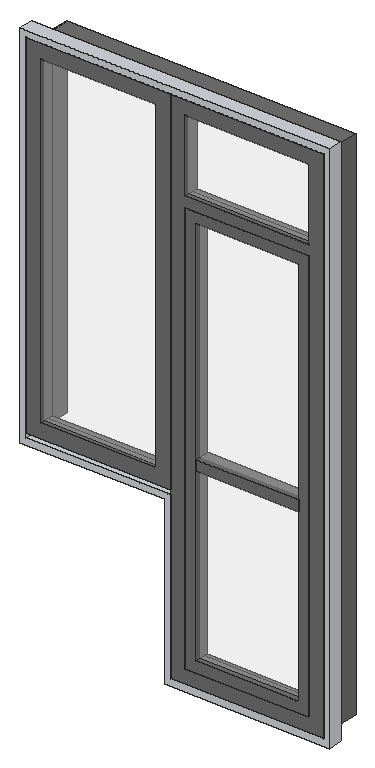
Revit family "AVLN_Балконный блок_Левый_Одностворчатый Фрамуга", category Окна, Revit 2021
Family settings
  Основа = Стена
  Номер OmniClass = 23.30.20.00
  Заголовок OmniClass = Windows
  Всегда вертикально = Да
  При загрузке вырезать с полостями = Нет
  Общий = Нет
  Точка принадлежности помещению = Нет
Parameters (values of type "1500")
  Ширина среднействорки = 400 mm
  Ширина рамы двери = 50 mm
  Ширина рамы = 70 mm
  Ширина окна = Width - Ширина двери - Монтажный зазор * 2  # 700 mm
  Ширина импоста = 50 mm
  Ширина двери = 740 mm
  Четверть слева/справа = 50 mm
  Четверть окна снизу = 50 mm
  Четверть низ = 0 mm  # constant formula
  Черверть верх = 50 mm
  Фрамуга_Высота = Height - (Дверь_Высота + Монтажный зазор * 2 + Ширина рамы * 2 + Ширина импоста)  # 350 mm
  Фрамуга окна = not(Без фрамуги)  # no
  Толщина основы [instance] = 200 mm
  Створка_толщина = 25 mm  # constant formula
  Rough Width = Width - Монтажный зазор * 2  # 1440 mm
  Rough Height = Height - Монтажный зазор * 2  # 2540 mm
  Подстановочный профиль_Ширина = 20 mm  # constant formula
  Подстановочный профиль_Толщина = 50 mm
  Подоконник_Толщина = 20 mm
  Подоконник_Длина = Окно_Ширина + Ширина рамы * 2 + Монтажный зазор  # 730 mm
  Подоконник_Глубина = 190 mm
  Подоконник = no
  Отступ.доп.части_Н = Ширина окна + Ширина импоста  # 750 mm
  Отступ.доп.части_В = Ширина окна + Ширина импоста + Монтажный зазор  # 780 mm
  Отлив_Толщина = 1 mm  # constant formula
  Отлив_Длина = (Окно_Ширина + Ширина рамы * 2 + Монтажный зазор) - [Четверть слева/справа]  # 680 mm
  Отлив_Глубина = 200 mm
  Отлив = no
  Открывание фрамуга оконная = АВЛН_Створка открывная : Створка глухая
  Открывание фрамуга = АВЛН_Створка открывная : Створка глухая
  Открывание окно = АВЛН_Створка открывная : Створка глухая
  Откос_Н.Ширина = ADSK_Размер_Ширина - 2 * [Четверть слева/справа]  # 1400 mm
  Откос_Н.Толщина.8 = 32 mm
  Откос_Н.Толщина.7 = 28 mm
  Откос_Н.Толщина.6 = 24 mm
  Откос_Н.Толщина.5 = 20 mm
  Откос_Н.Толщина.4 = 16 mm
  Откос_Н.Толщина.3 = 12 mm
  Откос_Н.Толщина.2 = 8 mm
  Откос_Н.Толщина.1 = 2 mm
  Откос_Н.Отступ_П = ADSK_Размер_Высота - (Монтажный зазор + 2 * Ширина рамы + Высота окна)  # 850 mm
  Откос_Н.Отступ_Л = Монтажный зазор  # 30 mm
  Откос_Н.Отступ от уровня = Монтажный зазор  # 30 mm
  Откос_Н.Количество слоев = 1
  Откос_Н.Глубина = 150 mm  # constant formula
  Откос_Н.Высота = ADSK_Размер_Высота - Черверть верх  # 2550 mm
  Откос_В.Толщина.8 = 32 mm
  Откос_В.Толщина.7 = 28 mm
  Откос_В.Толщина.6 = 24 mm
  Откос_В.Толщина.5 = 20 mm
  Откос_В.Толщина.4 = 16 mm
  Откос_В.Толщина.3 = 12 mm
  Откос_В.Толщина.2 = 8 mm
  Откос_В.Толщина.1 = 4 mm
  Откос_В.Количество слоев = 0
  Откос_В.Глубина = 130 mm
  Откос.Отступ_П [instance] = ADSK_Размер_Высота - (Монтажный зазор + 2 * Ширина рамы + Высота окна)  # 850 mm
  Откос.Отступ_Л [instance] = 0 mm
  Определить тепловые свойства по = Тип схем
  Окно_Ширина = Width - Ширина двери - Монтажный зазор * 2 - Ширина рамы * 2  # 560 mm
  Окно_Высота = Высота окна - Фрамуга_Высота - Ширина импоста  # 1180 mm
  Монтажный зазор = 30 mm
  М.Стекла = AVLN_Остекление окон и дверей
  М.Рамы = AVLN_Материал импоста_RAL 7024
  М.Подоконный профиль = Рама
  М.Подоконник = none
  М.Откос_Н.8 = none
  М.Откос_Н.7 = none
  М.Откос_Н.6 = none
  М.Откос_Н.5 = none
  М.Откос_Н.4 = none
  М.Откос_Н.3 = none
  М.Откос_Н.2 = none
  М.Откос_Н.1 = RAL 7024
  М.Откос_В.8 = none
  М.Откос_В.7 = none
  М.Откос_В.6 = none
  М.Откос_В.5 = none
  М.Откос_В.4 = none
  М.Откос_В.3 = none
  М.Откос_В.2 = none
  М.Откос_В.1 = Штукатурка внутренних откосов
  М.Монтажного зазора = none
  Комментарии к типоразмеру = "АР"
  Ипост высота = 900 mm
  Дверь_Ширина = Ширина двери - Ширина рамы * 2  # 600 mm
  Дверь_Высота = 2000 mm
  Дверь.Открывание.Право = yes
  Дверь.Открывание.Лево = not(Дверь.Открывание.Право)  # no
  Дверь.Откидывание = yes
  Дверь заполнение = АВЛН_Дверь балконная : Заполнение стеклом разделенное
  Глубина вставки = 0 mm
  Высота установки ручки.Окно = 750 mm
  Высота установки ручки.Дверь = 900 mm
  Высота подоконника по умолчанию = 0 mm
  Высота окна = 1580 mm
  Height = 2600 mm
  Замыкание стены = По основе
  Width = 1500 mm
  Без фрамуги = yes
  Аналитическая конструкция = "<Нет>"
  АВЛН_Площаль откосов наружных = (ADSK_Размер_Высота * 2 + ADSK_Размер_Ширина) * 150 mm  # 1.005 m²
  АВЛН_Площаль откосов внутренних = (ADSK_Размер_Высота * 2 + ADSK_Размер_Ширина) * 180 mm  # 1.206 m²
  ADSK_Этаж [instance] = ""
  ADSK_Размер_Ширина = Width  # 1500 mm
  ADSK_Размер_Высота = Height  # 2600 mm
  ADSK_Примечание [instance] = ""
  ADSK_Площадь = ((Ширина окна + Ширина рамы * 2 + Монтажный зазор) * (Высота окна + Ширина рамы * 2 + Монтажный зазор * 2 + Подоконник_Толщина)) + ((Монтажный зазор + Дверь_Ширина + Ширина рамы * 2) * (Height))  # 3.568 m²
  ADSK_Обозначение = "ГОСТ 30674-99"
  ADSK_Номер секции [instance] = ""
  ADSK_Наименование = "БП Б1 1440-2540"
  ADSK_Марка = "Б-4П"
  ADSK_Группирование = ""
  30/90 = yes
  -----------Разрезка----------- = "-----------"  # constant formula
  -----------Профили----------- = "-----------"  # constant formula
  -----------Подоконник----------- = "-----------"  # constant formula
  -----------Отлив----------- = "-----------"  # constant formula
  -----------Откос----------- = "-----------"  # constant formula
  -----------Основные габариты----------- = "-----------"  # constant formula
  -----------Вставка----------- = "-----------"  # constant formula
Reference planes
  plane 1 "По центру (Вперед/Назад)": y = 0
  plane 2 "По центру (Влево/Вправо)": x = 0
  plane 3 "Наружный": y = 100
  plane 4 "Внутренние": y = -100
  plane 5 "Глубина вставки": y = 100
  plane 6: y = 400
  plane 7: y = -400
  plane 8 "Внутренняя граница": y = 30
  plane 9 "336": x = 1250
  plane 10 "337": x = -250
  plane 11 "338": z = 0
  plane 12 "339": z = 2600
  plane 13: x = -220
  plane 14: z = 2570
  plane 15: x = 1220
  plane 16: z = 30
  plane 17: x = -200
  plane 18: x = 1200
  plane 19: z = 1100
  plane 20: z = 2550
  plane 21 "340": z = 0
  plane 22: z = 2500
  plane 23: z = 920
  plane 24: z = 830
  plane 25 "342": z = 800
  plane 26: x = -150
  plane 27: x = 500
  plane 28: z = 850
  plane 29: x = 550
  plane 30: x = 480
  plane 31: x = 450
  plane 32: x = 500
  plane 33 "343": x = 1150
  plane 34: x = 130
  plane 35: z = 1510
  plane 36: x = 850
  plane 37: z = 2100
  plane 38: z = 100
  plane 39: z = 2150
  plane 40: z = 2325
  plane 41: x = 410
  plane 42: z = 850
  plane 43: z = 1710
Forms (mm)
  Extrusion 1, void
    sketch origin (0, 100, 0) x (1, 0, 0) y (0, 0, 1)
      loop
        line (1250, 2600) -> (-250, 2600) -> (-250, 800) -> (450, 800) -> (450, 0) -> (1250, 0) -> (1250, 2600)
    from 0 to 500
  Extrusion 2, void
    sketch origin (0, 100, 0) x (-1, 0, 0) y (0, 0, -1)
      loop
        line (200, -2550) -> (200, -850) -> (-500, -850) -> (-500, 0) -> (-1200, 0) -> (-1200, -2550) -> (200, -2550)
    from -300 to 0
  Extrusion 3, solid, material "AVLN_Материал импоста_RAL 7024" <- "М.Рамы", detail levels medium+fine
    sketch origin (0, 100, 0) x (-1, 0, 0) y (0, 0, -1)
      loop
        line (-480, -30) -> (-1220, -30) -> (-1220, -2570) -> (-480, -2570) -> (-480, -30)
      loop
        line (-1150, -100) -> (-1150, -2100) -> (-550, -2100) -> (-550, -100) -> (-1150, -100)
      loop
        line (-550, -2500) -> (-550, -2150) -> (-1150, -2150) -> (-1150, -2500) -> (-550, -2500)
    from 0 to 70
  Extrusion 4, solid, material <- "М.Монтажного зазора", detail levels medium+fine
    sketch origin (0, -100, 0) x (-1, 0, 0) y (0, 0, -1)
      loop
        line (-1250, 0) -> (-1250, -2600) -> (250, -2600) -> (250, -800) -> (-450, -800) -> (-450, 0) -> (-1250, 0)
      loop
        line (220, -2570) -> (220, -830) -> (-480, -830) -> (-480, -30) -> (-1220, -30) -> (-1220, -2570) -> (220, -2570)
    from -200 to -130
  Extrusion 5, solid, material "AVLN_Материал импоста_RAL 7024" <- "М.Рамы", detail levels medium+fine
    sketch origin (0, 100, 0) x (-1, 0, 0) y (0, 0, 1)
      loop
        line (220, 850) -> (220, 2570) -> (-480, 2570) -> (-480, 850) -> (220, 850)
      loop
        line (-410, 2500) -> (-410, 920) -> (150, 920) -> (150, 2500) -> (-410, 2500)
    from -70 to 0
  Extrusion 6, solid, material "AVLN_Материал импоста_RAL 7024" <- "М.Рамы", visible <- "Фрамуга окна", detail levels medium+fine
    sketch origin (0, 100, 0) x (1, 0, 0) y (0, 0, 1)
      loop
        line (410, 2150) -> (-150, 2150) -> (-150, 2100) -> (410, 2100) -> (410, 2150)
    from 0 to 70
Cuts and joins
  Extrusion 2 cuts Extrusion 3
  Extrusion 2 cuts Extrusion 4
  Extrusion 2 cuts Extrusion 5
Lines and regions (mm)
  reference lines
    curve 1: line (1250, -100, 2125) -> (500, -100, 2125)
    curve 2: line (1250, -100, 920) -> (500, -100, 920)
Text (mm)
  text "EXTERIOR" at (-1963.203, 1332.353, 0), in view "Опорный уровень"
  text "INTERIOR" at (-1981.466, -818.386, 0), in view "Опорный уровень"
  text "Наружный" at (0, 923.751, 2943.296), in view "Справа"
  text "Наружный" at (0, 1240.237, 2685.409), in view "Слева"
Dimensions and locks
  locked: plane 3 "Наружный" to host wall
  locked: plane 4 "Внутренние" to host wall
  "Глубина вставки": plane 5 "Глубина вставки" to plane 3 "Наружный"
  locked: plane 3 "Наружный" to plane 6 at 300
  locked: plane 7 to plane 4 "Внутренние" at 300
  "Ширина рамы": plane 5 "Глубина вставки" to plane 8 "Внутренняя граница"
  "Толщина основы": host wall to host wall
  plane 9 "336" to plane 10 "337" = 1500 mm
  "Width": plane 9 "336" to plane 10 "337"
  "Height": plane 11 "338" to plane 12 "339"
  "Монтажный зазор": plane 13 to plane 10 "337"
  "Монтажный зазор": plane 9 "336" to plane 15
  "Монтажный зазор": plane 14 to plane 12 "339"
  "Монтажный зазор": plane 11 "338" to plane 16
  "Четверть слева/справа": plane 17 to plane 10 "337"
  "Четверть слева/справа": plane 9 "336" to plane 18
  "Черверть верх": plane 20 to plane 12 "339"
  "Ширина рамы": plane 22 to plane 14
  "Высота окна": plane 23 to plane 22
  "Ширина рамы": plane 26 to plane 13
  "Ширина импоста": plane 29 to plane 27
  "Монтажный зазор": plane 30 to plane 31
  "Ширина рамы": plane 29 to plane 30
  "Четверть слева/справа": plane 32 to plane 31
  "Ширина рамы": plane 15 to plane 33 "343"
  equal spacing: plane 41, plane 34, plane 26
  equal spacing: plane 37, plane 35, plane 23
  equal spacing: plane 33 "343", plane 36, plane 29
  equal spacing: plane 37, plane 19, plane 38
  "Ширина рамы": plane 38 to plane 16
  "Ширина импоста": plane 39 to plane 37
  equal spacing: plane 39, curve 1, plane 37
  equal spacing: plane 22, plane 40, plane 39
  "Дверь_Высота": plane 37 to plane 38
  "Ширина рамы": plane 30 to plane 41
  plane 1 "По центру (Вперед/Назад)" to plane 5 "Глубина вставки" = 100 mm
  "Ширина рамы": nested 3 to plane 8 "Внутренняя граница"
  "Четверть окна снизу": plane 42 to plane 25 "342"
  "Монтажный зазор": plane 24 to plane 25 "342"
  "Подоконник_Толщина": plane 28 to plane 24
  "Ширина рамы": plane 23 to plane 28
  plane 37 to plane 23 = 1180 mm
  "Ширина двери": plane 15 to plane 30
  equal spacing: plane 22, plane 43, plane 23
  aligned and locked: plane 5 "Глубина вставки" to Extrusion 1
  aligned and locked: Extrusion 1 to plane 7
  aligned and locked: plane 17 to Extrusion 2 sketch curve
  aligned and locked: Extrusion 2 sketch curve to plane 18
  aligned and locked: plane 20 to Extrusion 2 sketch curve
  aligned and locked: Extrusion 2 sketch curve to plane 21 "340"
  aligned and locked: plane 10 "337" to nested 1
  aligned and locked: Extrusion 3 sketch curve to plane 30
  aligned and locked: plane 16 to Extrusion 3 sketch curve
  aligned and locked: Extrusion 3 sketch curve to plane 15
  aligned and locked: plane 14 to Extrusion 3 sketch curve
  aligned and locked: Extrusion 3 sketch curve to plane 29
  aligned and locked: Extrusion 3 to nested 1
  aligned and locked: Extrusion 4 sketch curve to plane 9 "336"
  aligned and locked: plane 21 "340" to Extrusion 4 sketch curve
  aligned and locked: Extrusion 4 sketch curve to plane 31
  aligned and locked: plane 25 "342" to Extrusion 4 sketch curve
  aligned and locked: plane 10 "337" to Extrusion 4 sketch curve
  aligned and locked: plane 12 "339" to Extrusion 4 sketch curve
  aligned and locked: Extrusion 4 sketch curve to plane 14
  aligned and locked: Extrusion 4 sketch curve to plane 15
  aligned and locked: Extrusion 4 sketch curve to plane 16
  aligned and locked: Extrusion 4 sketch curve to plane 30
  aligned and locked: plane 13 to Extrusion 4 sketch curve
  aligned and locked: plane 33 "343" to Extrusion 3
  aligned and locked: plane 38 to Extrusion 3
  aligned and locked: curve 1 to plane 9 "336"
  aligned and locked: curve 1 to plane 27
  aligned and locked: nested 5 to plane 15
  aligned and locked: nested 4 to plane 32
  aligned and locked: plane 14 to Extrusion 5 sketch curve
  aligned and locked: plane 30 to Extrusion 5 sketch curve
  aligned and locked: Extrusion 5 sketch curve to plane 13
  aligned and locked: Extrusion 5 sketch curve to plane 23
  aligned and locked: plane 22 to Extrusion 5 sketch curve
  aligned and locked: plane 41 to Extrusion 5 sketch curve
  aligned and locked: plane 23 to curve 2
  aligned and locked: nested 6 to plane 28
  aligned and locked: nested 6 to plane 17
  aligned and locked: Extrusion 1 sketch curve to plane 25 "342"
  aligned and locked: Extrusion 1 sketch curve to plane 10 "337"
  aligned and locked: Extrusion 1 sketch curve to plane 12 "339"
  aligned and locked: plane 9 "336" to Extrusion 1 sketch curve
  aligned and locked: plane 21 "340" to Extrusion 1 sketch curve
  aligned and locked: plane 35 to nested 7
  aligned and locked: nested 7 to plane 34
  aligned and locked: plane 40 to nested 8
  aligned and locked: nested 8 to plane 36
  aligned and locked: Extrusion 1 to nested 3
  aligned and locked: Extrusion 2 to plane 5 "Глубина вставки"
  aligned and locked: plane 5 "Глубина вставки" to cut or joined group of Extrusion 2, Extrusion 4
  aligned and locked: cut or joined group of Extrusion 2, Extrusion 4 to plane 8 "Внутренняя граница"
  aligned and locked: cut or joined group of Extrusion 2, Extrusion 3 to plane 8 "Внутренняя граница"
  aligned and locked: plane 5 "Глубина вставки" to cut or joined group of Extrusion 2, Extrusion 3
  aligned and locked: plane 8 "Внутренняя граница" to nested 4
  aligned and locked: nested 5 to plane 8 "Внутренняя граница"
  aligned and locked: Extrusion 2 sketch curve to plane 42
  aligned and locked: Extrusion 5 sketch curve to plane 28
  aligned and locked: plane 24 to Extrusion 4 sketch curve
  aligned and locked: nested 9 to plane 34
  aligned and locked: plane 40 to nested 9
  aligned and locked: Extrusion 1 sketch curve to cut or joined group of Extrusion 2, Extrusion 4
  aligned and locked: plane 32 to Extrusion 2 sketch curve
  aligned and locked: nested 10 to plane 19
  aligned and locked: nested 10 to plane 36
  aligned and locked: Extrusion 6 sketch curve to plane 39
  aligned and locked: plane 37 to Extrusion 6 sketch curve
  aligned and locked: plane 26 to Extrusion 6 sketch curve
  aligned and locked: Extrusion 6 sketch curve to plane 41
  aligned and locked: cut or joined group of Extrusion 2, Extrusion 5 to Extrusion 6  (x2)
  aligned and locked: plane 43 to nested 11
  aligned and locked: nested 11 to plane 34
  aligned and locked: nested 12 to plane 12 "339"
  aligned and locked: nested 12 to plane 9 "336"
  aligned and locked: plane 16 to nested 13
  aligned and locked: nested 3 to plane 32
Automatic sketch dimensions
  curve 2 to plane 27 = 0 mm
  curve 2 to plane 9 "336" = 0 mm
  Extrusion 3 sketch curve to plane 33 "343" = 0 mm  (x2)
  Extrusion 3 sketch curve to plane 29 = 0 mm
  plane 37 to curve 1 = 25 mm
  Extrusion 3 sketch curve to plane 38 = 0 mm
  Extrusion 3 sketch curve to plane 37 = 0 mm
  Extrusion 3 sketch curve to plane 39 = 0 mm
  Extrusion 3 sketch curve to plane 22 = 0 mm
  Extrusion 5 sketch curve to plane 26 = 0 mm
Nested families
  nested 1: "Подоконник" at (115, 30, 800) x (-1, 0, 0) z (0, 0, 1), Глубина подоконника <- "Подоконник_Глубина", Длина отлива <- "Подоконник_Длина", ТП <- "Подоконник_Толщина", Ш_МЗЗ <- "Монтажный зазор", Ш_ПП <- "Подстановочный профиль_Ширина", ADSK_Группирование <- "ADSK_Группирование", ADSK_Номер секции <- "ADSK_Номер секции", ADSK_Этаж <- "ADSK_Этаж", visible <- "Подоконник", М <- "М.Подоконник", type "Подоконник"
    with Ш_ПП 20 mm, Ш_МЗЗ 30 mm, ТП 20 mm, М none, Длина отлива 730 mm, Глубина подоконника 190 mm, ADSK_Этаж "", ADSK_Примечание "", ADSK_Обозначение "", ADSK_Номер секции "", ADSK_Наименование "", ADSK_Марка "", ADSK_Группирование ""
  nested 2: "AVLN_Откосы_R19" at (0, -100, 0), Ширина <- "ADSK_Размер_Ширина", Глубина <- "Откос_В.Глубина", Высота <- "ADSK_Размер_Высота", Высота от уровня <- "Высота подоконника по умолчанию", ADSK_Группирование <- "Комментарии к типоразмеру", ADSK_Этаж <- "ADSK_Этаж", ADSK_Номер секции <- "ADSK_Номер секции", Материал_1 <- "М.Откос_В.1", Материал_2 <- "М.Откос_В.2", Материал_3 <- "М.Откос_В.3", Материал_4 <- "М.Откос_В.4", Материал_5 <- "М.Откос_В.5", Материал_6 <- "М.Откос_В.6", Материал_7 <- "М.Откос_В.7", Материал_8 <- "М.Откос_В.8", Толщина_1 <- "Откос_В.Толщина.1", Толщина_2 <- "Откос_В.Толщина.2", Толщина_3 <- "Откос_В.Толщина.3", Толщина_4 <- "Откос_В.Толщина.4", Толщина_5 <- "Откос_В.Толщина.5", Толщина_6 <- "Откос_В.Толщина.6", Толщина_7 <- "Откос_В.Толщина.7", Толщина_8 <- "Откос_В.Толщина.8", Количество слоев <- "Откос_В.Количество слоев", Отступ_Л <- "Откос.Отступ_П", Отступ_П <- "Откос.Отступ_Л", Отступ.доп.части <- "Отступ.доп.части_В", type "AVLN_Откосы_R19"
    with Ширина_8 1276 mm, Ширина_7 1332 mm, Ширина_6 1380 mm, Ширина_5 1420 mm, Ширина_4 1452 mm, Ширина_3 1476 mm, Ширина_2 1492 mm, Ширина 1500 mm, Толщина_8 32 mm, Толщина_7 28 mm, Толщина_6 24 mm, Толщина_5 20 mm, Толщина_4 16 mm, Толщина_3 12 mm, Толщина_2 8 mm, Толщина_1 4 mm, Отступ_П 0 mm, Отступ_Л 850 mm, Отступ.доп.части 780 mm, Материал_8 none, Материал_7 none, Материал_6 none, Материал_5 none, Материал_4 none, Материал_3 none, Материал_2 none, Материал_1 Штукатурка внутренних откосов, Количество слоев 0, Глубина 130 mm, Высота_8 2488 mm, Высота_7 2516 mm, Высота_6 2540 mm, Высота_5 2560 mm, Высота_4 2576 mm, Высота_3 2588 mm, Высота_2 2596 mm, Высота.доп.части 0 mm, Высота от уровня 0 mm, Высота 2600 mm, Видимость_8 no, Видимость_7 no, Видимость_6 no, Видимость_5 no, Видимость_4 no, Видимость_3 no, Видимость_2 no, Видимость_1 no, Видимость.доп.части yes, ВД.8 no, ВД.7 no, ВД.6 no, ВД.5 no, ВД.4 no, ВД.3 no, ВД.2 no, ВД.1 no, ADSK_Этаж "", ADSK_Номер секции "", ADSK_Группирование "АР"
  nested 3: "AVLN_Откосы_R19" at (500, 100, -30), Ширина <- "Откос_Н.Ширина", Глубина <- "Откос_Н.Глубина", Высота <- "Откос_Н.Высота", Высота от уровня <- "Откос_Н.Отступ от уровня", ADSK_Группирование <- "Комментарии к типоразмеру", ADSK_Этаж <- "ADSK_Этаж", ADSK_Номер секции <- "ADSK_Номер секции", Материал_1 <- "М.Откос_Н.1", Материал_2 <- "М.Откос_Н.2", Материал_3 <- "М.Откос_Н.3", Материал_4 <- "М.Откос_Н.4", Материал_5 <- "М.Откос_Н.5", Материал_6 <- "М.Откос_Н.6", Материал_7 <- "М.Откос_Н.7", Материал_8 <- "М.Откос_Н.8", Толщина_1 <- "Откос_Н.Толщина.1", Толщина_2 <- "Откос_Н.Толщина.2", Толщина_3 <- "Откос_Н.Толщина.3", Толщина_4 <- "Откос_Н.Толщина.4", Толщина_5 <- "Откос_Н.Толщина.5", Толщина_6 <- "Откос_Н.Толщина.6", Толщина_7 <- "Откос_Н.Толщина.7", Толщина_8 <- "Откос_Н.Толщина.8", Количество слоев <- "Откос_Н.Количество слоев", Отступ_Л <- "Откос_Н.Отступ_П", Отступ_П <- "Откос_Н.Отступ_Л", Отступ.доп.части <- "Отступ.доп.части_Н", type "AVLN_Откосы_R19"
    with Ширина_8 1180 mm, Ширина_7 1236 mm, Ширина_6 1284 mm, Ширина_5 1324 mm, Ширина_4 1356 mm, Ширина_3 1380 mm, Ширина_2 1396 mm, Ширина 1400 mm, Толщина_8 32 mm, Толщина_7 28 mm, Толщина_6 24 mm, Толщина_5 20 mm, Толщина_4 16 mm, Толщина_3 12 mm, Толщина_2 8 mm, Толщина_1 2 mm, Отступ_П 30 mm, Отступ_Л 850 mm, Отступ.доп.части 750 mm, Материал_8 none, Материал_7 none, Материал_6 none, Материал_5 none, Материал_4 none, Материал_3 none, Материал_2 none, Материал_1 RAL 7024, Количество слоев 1, Глубина 150 mm, Высота_8 2440 mm, Высота_7 2468 mm, Высота_6 2492 mm, Высота_5 2512 mm, Высота_4 2528 mm, Высота_3 2540 mm, Высота_2 2548 mm, Высота.доп.части 0 mm, Высота от уровня 30 mm, Высота 2550 mm, Видимость_8 no, Видимость_7 no, Видимость_6 no, Видимость_5 no, Видимость_4 no, Видимость_3 no, Видимость_2 no, Видимость_1 yes, Видимость.доп.части yes, ВД.8 no, ВД.7 no, ВД.6 no, ВД.5 no, ВД.4 no, ВД.3 no, ВД.2 no, ВД.1 yes, ADSK_Этаж "", ADSK_Номер секции "", ADSK_Группирование "АР"
  nested 4: "АС-Обозначение на плане двупольная" at (500, 30, 0) x (-1, 0, 0) z (0, 0, 1), Коробка.Толщина <- "Ширина рамы", Коробка.Ширина <- "Ширина импоста", Rough Width <- "Дверь_Ширина", Height <- "ADSK_Размер_Высота", visible <- "Дверь.Открывание.Лево", type "АС-Стандарт", detail levels medium+fine
    with Width 651 mm, built-in parameter 1001302 50 mm, Rough Width 600 mm, Монтажный зазор.Ширина сбоку 1 mm, Коробка.Ширина 50 mm, Коробка.Толщина 70 mm, Height 2600 mm
  nested 5: "АС-Обозначение на плане двупольная" at (1220, 30, 0), Коробка.Толщина <- "Ширина рамы", Коробка.Ширина <- "Ширина импоста", Rough Width <- "Дверь_Ширина", Height <- "ADSK_Размер_Высота", visible <- "Дверь.Открывание.Право", type "АС-Стандарт", detail levels medium+fine
    with Width 651 mm, built-in parameter 1001302 50 mm, Rough Width 600 mm, Монтажный зазор.Ширина сбоку 1 mm, Коробка.Ширина 50 mm, Коробка.Толщина 70 mm, Height 2600 mm
  nested 6: "Отлив" at (140, 100, 820), Длина отлива <- "Отлив_Длина", Глубина отлива <- "Отлив_Глубина", ТО <- "Отлив_Толщина", Ш_МЗЗ <- "Монтажный зазор", Ш_ПП <- "Подстановочный профиль_Толщина", visible <- "Отлив", type "Отлив"
    with Ш_ПП 50 mm, Ш_МЗЗ 30 mm, ТО 1 mm, М none, Длина отлива 680 mm, Глубина отлива 200 mm, ADSK_Этаж "", ADSK_Примечание "", ADSK_Обозначение "", ADSK_Номер секции "", ADSK_Наименование "", ADSK_Марка "", ADSK_Группирование ""
  nested 7: "АВЛН_Створка открывная" at (130, 30, 1510) x (1, 0, 0) z (0, 1, 0), Створка высота <- "Окно_Высота", Створка ширина <- "Окно_Ширина", Ширина рамы <- "Створка_толщина", type <- "Открывание окно", Материал_Рама <- "М.Рамы", Материал_Ручки <- "М.Рамы", Материал_Стеклопакет <- "М.Стекла", visible <- "Фрамуга окна", type "Створка глухая", detail levels medium+fine
    with Ширина рамы 25 mm, Створка ширина 560 mm, Створка высота 1180 mm, Материал_Стеклопакет AVLN_Остекление окон и дверей, Материал_Ручки AVLN_Материал импоста_RAL 7024, Материал_Рама AVLN_Материал импоста_RAL 7024
  nested 8: "АВЛН_Створка открывная" at (850, 30, 2325) x (1, 0, 0) z (0, 1, 0), Створка высота <- "Фрамуга_Высота", Створка ширина <- "Дверь_Ширина", Ширина рамы <- "Створка_толщина", type <- "Открывание фрамуга", Материал_Рама <- "М.Рамы", Материал_Стеклопакет <- "М.Стекла", Материал_Ручки <- "М.Рамы", type "Створка глухая", detail levels medium+fine
    with Ширина рамы 25 mm, Створка ширина 600 mm, Створка высота 350 mm, Материал_Стеклопакет AVLN_Остекление окон и дверей, Материал_Ручки AVLN_Материал импоста_RAL 7024, Материал_Рама AVLN_Материал импоста_RAL 7024
  nested 9: "АВЛН_Створка открывная" at (130, 30, 2325) x (1, 0, 0) z (0, 1, 0), Створка высота <- "Фрамуга_Высота", Створка ширина <- "Окно_Ширина", Ширина рамы <- "Створка_толщина", type <- "Открывание фрамуга оконная", Материал_Рама <- "М.Рамы", Материал_Ручки <- "М.Рамы", Материал_Стеклопакет <- "М.Стекла", visible <- "Фрамуга окна", type "Створка глухая", detail levels medium+fine
    with Ширина рамы 25 mm, Створка ширина 560 mm, Створка высота 350 mm, Материал_Стеклопакет AVLN_Остекление окон и дверей, Материал_Ручки AVLN_Материал импоста_RAL 7024, Материал_Рама AVLN_Материал импоста_RAL 7024
  nested 10: "АВЛН_Дверь балконная" at (850, 100, 1100) x (-1, 0, 0) z (0, -1, 0), Дверь высота <- "Дверь_Высота", Дверь ширина <- "Дверь_Ширина", Ручка высота <- "Высота установки ручки.Дверь", Импост высота <- "Ипост высота", Импост ширина <- "Ширина импоста", Корбка толщина <- "Ширина рамы двери", type <- "Дверь заполнение", Правая <- "Дверь.Открывание.Лево", Левая <- "Дверь.Открывание.Право", Откидная <- "Дверь.Откидывание", М.ПП <- "М.Рамы", М.Р <- "М.Рамы", М.С <- "М.Стекла", type "Заполнение стеклом разделенное", detail levels medium+fine
    with Ручка высота 900 mm, Правая no, Откидная yes, М.С AVLN_Остекление окон и дверей, М.Р AVLN_Материал импоста_RAL 7024, М.ПП AVLN_Материал импоста_RAL 7024, Левая yes, Корбка толщина 50 mm, Импост ширина 50 mm, Импост высота 900 mm, Дверь ширина 600 mm, Дверь высота 2000 mm, Width 800 mm, Импост yes
  nested 11: "АВЛН_Створка открывная" at (130, 30, 1710) x (1, 0, 0) z (0, 1, 0), Створка высота <- "Высота окна", Створка ширина <- "Окно_Ширина", Ширина рамы <- "Створка_толщина", type <- "Открывание окно", Материал_Рама <- "М.Рамы", Материал_Ручки <- "М.Рамы", Материал_Стеклопакет <- "М.Стекла", visible <- "Без фрамуги", type "Створка глухая", detail levels medium+fine
    with Ширина рамы 25 mm, Створка ширина 560 mm, Створка высота 1580 mm, Материал_Стеклопакет AVLN_Остекление окон и дверей, Материал_Ручки AVLN_Материал импоста_RAL 7024, Материал_Рама AVLN_Материал импоста_RAL 7024
  nested 12: "AVLN_Обозначение проема" at (500, 100, 1300) x (-1, 0, 0) z (0, 1, 0), ADSK_Размер_Высота <- "ADSK_Размер_Высота", ADSK_Размер_Ширина <- "ADSK_Размер_Ширина", type "AVLN_Обозначение проема", detail levels coarse
    with ADSK_Размер_Ширина 1500 mm, ADSK_Размер_Высота 2600 mm
  nested 13: "Откос_R19" at (500, 175, 0), type "Откос_R19"
    with Площадь 0.975 m², Отступ_П 30 mm, Отступ_Л 850 mm, Материал RAL 7024, Видимость yes, ADSK_Этаж "", ADSK_Размер_Ширина 1400 mm, ADSK_Размер_Толщина 2 mm, ADSK_Размер_Глубина 150 mm, ADSK_Размер_Высота 2550 mm, ADSK_Номер секции "", ADSK_Группирование "АР"
Definition of nested family "Подоконник"
  Parameters (values of type "Подоконник")
    Ш_ПП [instance] = 50 mm
    Ш_МЗЗ [instance] = 35 mm
    ТП [instance] = 20 mm
    Default Elevation = 1219.2 mm
    М [instance] = none
    Длина отлива [instance] = 1560 mm
    Глубина подоконника [instance] = 280 mm
    ADSK_Этаж [instance] = ""
    ADSK_Примечание [instance] = ""
    ADSK_Обозначение [instance] = ""
    ADSK_Номер секции [instance] = ""
    ADSK_Наименование [instance] = ""
    ADSK_Марка [instance] = ""
    ADSK_Группирование [instance] = ""
  Reference planes
    plane 1 "По центру (Вперед/Назад)": y = 0
    plane 2: z = 0
    plane 3 "По центру (Влево/Вправо)": x = 0
    plane 4: y = -280
    plane 5: x = -780
    plane 6: x = 780
    plane 7: z = 35
    plane 8: z = 85
    plane 9: y = -20
    plane 10: y = -290
    plane 11: y = -310
    plane 12: z = -35
    plane 13: z = 15
    plane 14: z = 65
  Forms (mm)
    Extrusion 1, solid, material <- "М"
      sketch origin (0, 0, 0) x (0, 1, 0) y (0, 0, 1)
        loop
          line (0, 85) -> (-310, 85) -> (-310, 0) -> (-290, 0) -> (-290, 65) -> (0, 65) -> (0, 85)
      from -780 to 780
  Dimensions and locks
    equal spacing: plane 5, plane 3 "По центру (Влево/Вправо)", plane 6
    "Длина отлива": plane 5 to plane 6
    "Глубина подоконника": plane 4 to plane 1 "По центру (Вперед/Назад)"
    "Ш_МЗЗ": plane 7 to level
    "Ш_ПП": plane 8 to plane 7
    "ТП": plane 1 "По центру (Вперед/Назад)" to plane 9
    "ТП": plane 10 to plane 11
    locked: level to plane 12 at 35
    "ТП": plane 7 to plane 13
    locked: plane 4 to plane 10 at 10
    "ТП": plane 8 to plane 14
    aligned and locked: level to plane 2
    aligned and locked: plane 8 to Extrusion 1 sketch curve
    aligned and locked: plane 1 "По центру (Вперед/Назад)" to Extrusion 1 sketch curve
    aligned and locked: plane 10 to Extrusion 1 sketch curve
    aligned and locked: plane 11 to Extrusion 1 sketch curve
    aligned and locked: level to Extrusion 1 sketch curve
    aligned and locked: plane 14 to Extrusion 1 sketch curve
    aligned and locked: Extrusion 1 to plane 5
    aligned and locked: plane 6 to Extrusion 1
Definition of nested family "Отлив"
  Parameters (values of type "Отлив")
    Ш_ПП [instance] = 50 mm
    Ш_МЗЗ [instance] = 35 mm
    ТО [instance] = 1 mm
    Default Elevation = 1219.2 mm
    М [instance] = none
    Длина отлива [instance] = 1560 mm
    Глубина отлива [instance] = 280 mm
    ADSK_Этаж [instance] = ""
    ADSK_Примечание [instance] = ""
    ADSK_Обозначение [instance] = ""
    ADSK_Номер секции [instance] = ""
    ADSK_Наименование [instance] = ""
    ADSK_Марка [instance] = ""
    ADSK_Группирование [instance] = ""
  Reference planes
    plane 1 "По центру (Вперед/Назад)": y = 0
    plane 2: z = 0
    plane 3 "По центру (Влево/Вправо)": x = 0
    plane 4: y = -280
    plane 5: x = -780
    plane 6: x = 780
    plane 7: z = 35
    plane 8: z = 85
    plane 9: y = -1
    plane 10: y = -300
    plane 11: y = -301
    plane 12: z = -35
    plane 13: z = 34
  Forms (mm)
    Extrusion 1, solid, material <- "М"
      sketch origin (0, 0, 0) x (0, 1, 0) y (0, 0, 1)
        loop
          line (0, 85) -> (-1, 85) -> (-1, 34.893) -> (-301, 0.893) -> (-301, -35) -> (-300, -35) -> (-300, 0) -> (0, 34) -> (0, 85)
      from -780 to 780
  Dimensions and locks
    equal spacing: plane 5, plane 3 "По центру (Влево/Вправо)", plane 6
    "Длина отлива": plane 5 to plane 6
    "Глубина отлива": plane 4 to plane 1 "По центру (Вперед/Назад)"
    "Ш_МЗЗ": plane 7 to level
    "Ш_ПП": plane 8 to plane 7
    "ТО": plane 1 "По центру (Вперед/Назад)" to plane 9
    "ТО": plane 10 to plane 11
    locked: level to plane 12 at 35
    "ТО": plane 7 to plane 13
    "ТО": Extrusion 1 sketch curve to Extrusion 1 sketch curve
    locked: plane 4 to plane 10 at 20
    aligned and locked: level to plane 2
    aligned and locked: plane 8 to Extrusion 1 sketch curve
    aligned and locked: plane 9 to Extrusion 1 sketch curve
    aligned and locked: plane 11 to Extrusion 1 sketch curve
    aligned and locked: plane 12 to Extrusion 1 sketch curve
    aligned and locked: plane 1 "По центру (Вперед/Назад)" to Extrusion 1 sketch curve  (x2)
    aligned and locked: plane 13 to Extrusion 1 sketch curve
    aligned and locked: level to Extrusion 1 sketch curve
    aligned and locked: plane 10 to Extrusion 1 sketch curve
    aligned and locked: plane 6 to Extrusion 1
    aligned and locked: Extrusion 1 to plane 5
Definition of nested family "АВЛН_Створка открывная"
  Parameters (values of type "Створка повороно-откидная правая")
    Ширина рамы [instance] = 50 mm
    Width = 600 mm
    Створка ширина [instance] = 800 mm
    Створка высота [instance] = 700 mm
    Материал_Стеклопакет [instance] = none
    Поворотная Правая = yes
    Поворотная Левая = no
    Default Elevation = 1219.2 mm
    Открываная = yes
    Откидная = yes
    Материал_Ручки [instance] = none
    Материал_Рама [instance] = none
    Левая = yes
    Глухое = no
    Height = 1150 mm
    Analytic Construction = "<Нет>"
  Types (6, lengths in mm): name | Width | Поворотная Правая | Поворотная Левая | Открываная | Откидная | Глухое | Height
    Створка повороно-откидная правая | 600 | yes | no | yes | yes | no | 1150
    Створка повороно-откидная левая | 600 | no | yes | yes | yes | no | 1150
    Створка глухая | 600 | no | no | no | no | yes | 1150
    Створка откидная | 1300 | no | no | yes | yes | no | 1700
    Створка поворотная правая | 600 | yes | no | yes | no | no | 1150
    Створка поворотная левая | 600 | no | yes | yes | no | no | 1150
  Reference planes
    plane 1 "По центру (Вперед/Назад)": y = 0
    plane 2 "Внутрення грань": z = 0
    plane 3 "По центру (Влево/Вправо)": x = 0
    plane 4: y = 350
    plane 5: x = 400
    plane 6: y = -350
    plane 7: x = -400
    plane 8 "Наружняя грань": z = 60.433
    plane 9 "По центру Л/Р": z = 30.216
  Forms (mm)
    Extrusion 1, solid
      sketch origin (0, 0, 0) x (1, 0, 0) y (0, 1, 0)
        loop
          line (-1219.2, 1219.2) -> (-1219.2, -1219.2) -> (1219.2, -1219.2) -> (1219.2, 1219.2) -> (-1219.2, 1219.2)
      from 0 to -304.8
    Sweep 2, solid, material <- "Материал_Рама", visible <- "Открываная"
      path origin (0, 0, 0) x (1, 0, 0) y (0, 1, 0)
        loop
          line (400, 350) -> (-400, 350) -> (-400, -350) -> (400, -350) -> (400, 350)
      profile origin (0, 350, 0) x (0, -1, 0) y (0, 0, 1)
        loop
          line (0, 0) -> (50, 0) -> (50, 60.433) -> (0, 60.433) -> (0, 0)
    Extrusion 3, solid, material <- "Материал_Стеклопакет", visible <- "Открываная"
      sketch origin (0, 0, 0) x (1, 0, 0) y (0, 1, 0)
        loop
          line (-350, 300) -> (-350, -300) -> (350, -300) -> (350, 300) -> (-350, 300)
      from 17.481 to 42.952
    Extrusion 4, solid, material <- "Материал_Стеклопакет", visible <- "Глухое"
      sketch origin (0, 0, 0) x (1, 0, 0) y (0, 1, 0)
        loop
          line (-400, 350) -> (-400, -350) -> (400, -350) -> (400, 350) -> (-400, 350)
      from 17.481 to 42.952
  Lines and regions (mm)
    model lines, visible <- "Глухое", detail levels medium+fine
      curve 1: line (0, 50, 60.433) -> (0, -50, 60.433)
      curve 2: line (50, 0, 60.433) -> (-50, 0, 60.433)
      curve 17: line (0, 50, 0) -> (0, -50, 0)
      curve 18: line (50, 0, 0) -> (-50, 0, 0)
    model lines, visible <- "Глухое", not visible, detail levels medium+fine
      curve 3: line (60, 38.001, 60.433) -> (60, -61.999, 60.433)
      curve 4: line (110, -11.999, 60.433) -> (10, -11.999, 60.433)
    model lines, visible <- "Поворотная Правая", detail levels medium+fine
      curve 5: line (400, 350, 0) -> (-400, 0, 0)
      curve 6: line (400, -350, 0) -> (-400, 0, 0)
      curve 13: line (400, 350, 60.433) -> (-400, 0, 60.433)
      curve 14: line (400, -350, 60.433) -> (-400, 0, 60.433)
    model lines, visible <- "Откидная", detail levels medium+fine
      curve 7: line (-400, -350, 0) -> (0, 350, 0)
      curve 8: line (0, 350, 0) -> (400, -350, 0)
      curve 15: line (-400, -350, 60.433) -> (0, 350, 60.433)
      curve 16: line (0, 350, 60.433) -> (400, -350, 60.433)
    model lines, visible <- "Поворотная Левая", detail levels medium+fine
      curve 9: line (-400, 350, 0) -> (400, 0, 0)
      curve 10: line (-400, -350, 0) -> (400, 0, 0)
      curve 11: line (-400, 350, 60.433) -> (400, 0, 60.433)
      curve 12: line (-400, -350, 60.433) -> (400, 0, 60.433)
  Dimensions and locks
    "Створка высота": plane 4 to plane 6
    "Створка ширина": plane 7 to plane 5
    equal spacing: plane 7, plane 3 "По центру (Влево/Вправо)", plane 5
    equal spacing: plane 6, plane 1 "По центру (Вперед/Назад)", plane 4
    plane 2 "Внутрення грань" to plane 8 "Наружняя грань" = 60.433 mm
    level to Extrusion 4 = 42.952 mm
    plane 8 "Наружняя грань" to level = 60.433 mm
    equal spacing: Extrusion 3, plane 9 "По центру Л/Р", Extrusion 3
    equal spacing: plane 8 "Наружняя грань", plane 9 "По центру Л/Р", level
    Extrusion 3 to Extrusion 3 = 25.471 mm
    "Ширина рамы": profile plane to Sweep 2 sketch curve
    equal spacing: Extrusion 4, plane 9 "По центру Л/Р", Extrusion 4, locked at 12.735 each
    locked: Extrusion 4 to Extrusion 4 at 25.471
    equal spacing: Sweep 2, nested 1, Sweep 2
    equal spacing: Sweep 2, nested 2, Sweep 2
    aligned and locked: plane 2 "Внутрення грань" to Extrusion 1
    aligned and locked: level to Extrusion 1
    aligned and locked: plane 4 to Sweep 2 sketch curve
    aligned and locked: plane 5 to Sweep 2 sketch curve
    aligned and locked: plane 6 to Sweep 2 sketch curve
    aligned and locked: Sweep 2 sketch curve to plane 7
    aligned and locked: Extrusion 3 sketch curve to Sweep 2  (x4)
    aligned and locked: Extrusion 4 sketch curve to Sweep 2  (x3)
    aligned and locked: Extrusion 4 sketch curve to plane 5
    aligned and locked: Sweep 2 sketch curve to plane 8 "Наружняя грань"
    aligned and locked: plane 6 to Extrusion 4
    aligned and locked: plane 4 to Extrusion 4
    aligned and locked: curve 2 to plane 1 "По центру (Вперед/Назад)"
    aligned and locked: curve 1 to plane 3 "По центру (Влево/Вправо)"
    aligned and locked: curve 18 to plane 1 "По центру (Вперед/Назад)"
    aligned and locked: curve 17 to plane 3 "По центру (Влево/Вправо)"
    aligned and locked: nested 2 to plane 1 "По центру (Вперед/Назад)"
    aligned and locked: nested 1 to plane 1 "По центру (Вперед/Назад)"
  Automatic sketch dimensions
    Extrusion 1 sketch curve to Extrusion 1 sketch curve = 2438.4 mm  (x2)
    plane 1 "По центру (Вперед/Назад)" to curve 5 = 0 mm
    curve 5 to plane 7 = 0 mm
    curve 9 to plane 4 = 0 mm
    curve 9 to plane 7 = 0 mm
    plane 6 to curve 7 = 0 mm
    curve 7 to plane 7 = 0 mm
    curve 7 to plane 3 "По центру (Влево/Вправо)" = 0 mm
    curve 6 to plane 5 = 0 mm
    plane 1 "По центру (Вперед/Назад)" to curve 9 = 0 mm
    curve 9 to plane 5 = 0 mm
    curve 5 to plane 4 = 0 mm
    curve 5 to plane 5 = 0 mm
    plane 6 to curve 8 = 0 mm
    curve 8 to plane 4 = 0 mm
    curve 11 to plane 4 = 0 mm
    curve 11 to plane 7 = 0 mm
    plane 6 to curve 15 = 0 mm
    curve 15 to plane 7 = 0 mm
    plane 1 "По центру (Вперед/Назад)" to curve 14 = 0 mm
    curve 14 to plane 7 = 0 mm
    curve 15 to plane 3 "По центру (Влево/Вправо)" = 0 mm
    plane 1 "По центру (Вперед/Назад)" to curve 11 = 0 mm
    curve 11 to plane 5 = 0 mm
    curve 14 to plane 5 = 0 mm
    curve 13 to plane 4 = 0 mm
    curve 13 to plane 5 = 0 mm
    plane 6 to curve 14 = 0 mm
    curve 15 to plane 4 = 0 mm
    plane 1 "По центру (Вперед/Назад)" to curve 2 = 0 mm
    curve 1 to plane 3 "По центру (Влево/Вправо)" = 0 mm
    curve 2 to plane 3 "По центру (Влево/Вправо)" = 50 mm
    plane 3 "По центру (Влево/Вправо)" to curve 2 = 50 mm
    plane 1 "По центру (Вперед/Назад)" to curve 1 = 50 mm
    curve 1 to plane 1 "По центру (Вперед/Назад)" = 50 mm
    curve 18 to curve 17 = 50 mm
    curve 17 to curve 18 = 50 mm
    plane 1 "По центру (Вперед/Назад)" to curve 17 = 50 mm
    curve 17 to plane 1 "По центру (Вперед/Назад)" = 50 mm
    Sweep 2 sketch curve to level = 0 mm
    Sweep 2 sketch curve to profile plane = 0 mm
  Nested families
    nested 1: "АВЛН_Ручка" at (375, 1040, 0) x (1, 0, 0) z (0, -1, 0), visible <- "Поворотная Левая", Материал дверной ручки <- "Материал_Рама", type "АВЛН_Ручка", detail levels fine
      with Материал дверной ручки none, Высота расположения дверной ручки 1040 mm
    nested 2: "АВЛН_Ручка" at (-375, 1040, 0) x (1, 0, 0) z (0, -1, 0), visible <- "Поворотная Правая", Материал дверной ручки <- "Материал_Рама", type "АВЛН_Ручка", detail levels fine
      with Материал дверной ручки none, Высота расположения дверной ручки 1040 mm
  Definition of nested family "АВЛН_Ручка"
    Parameters (values of type "АВЛН_Ручка")
      Default Elevation = 1219.2 mm
      Материал дверной ручки [instance] = none
      Высота расположения дверной ручки [instance] = 1040 mm
      Analytic Construction = "<Нет>"
      b = 25 mm
      a = 75 mm
    Reference planes
      plane 1 "По центру (Вперед/Назад)": y = 0
      plane 2: z = 0
      plane 3 "По центру (Влево/Вправо)": x = 0
      plane 4: z = 1040
      plane 5: x = 12.5
      plane 6: x = -12.5
      plane 7: z = 1002.5
      plane 8: z = 1077.5
      plane 9: y = -15
    Forms (mm)
      Extrusion 1, solid, material <- "Материал дверной ручки"
        sketch origin (0, 0, 2080) x (-1, 0, 0) y (0, 0, -1)
          loop
            arc (-2.5, 1077.5) -> (-9.571, 1074.571) -> (-12.5, 1067.5) r 10
            line (-12.5, 1067.5) -> (-12.5, 1012.5)
            arc (-12.5, 1012.5) -> (-9.571, 1005.429) -> (-2.5, 1002.5) r 10
            line (-2.5, 1002.5) -> (2.5, 1002.5)
            arc (2.5, 1002.5) -> (9.571, 1005.429) -> (12.5, 1012.5) r 10
            line (12.5, 1012.5) -> (12.5, 1067.5)
            arc (12.5, 1067.5) -> (9.571, 1074.571) -> (2.5, 1077.5) r 10
            line (2.5, 1077.5) -> (-2.5, 1077.5)
        from 0 to 15
      Sweep 2, solid, material <- "Материал дверной ручки"
        path origin (-1040, 0, 1040) x (0, 0, -1) y (0, 1, 0)
          loop
            line (0, -15) -> (0, -38.261)
            arc (0, -38.261) -> (-2.929, -45.332) -> (-10, -48.261) r 10
            line (-10, -48.261) -> (-130, -48.261)
        profile origin (-1040, -26.63, 1040) x (0, 0, -1) y (1, 0, 0)
          loop
            circle (0, 1040) r 8
    Dimensions and locks
      "Высота расположения дверной ручки": plane 4 to level
      "a": plane 7 to plane 8
      "b": plane 6 to plane 5
      plane 6 to plane 5 = 25 mm
      locked: plane 1 "По центру (Вперед/Назад)" to plane 9 at 15
      plane 7 to plane 8 = 75 mm
      aligned and locked: level to plane 2
      aligned and locked: Extrusion 1 sketch curve to plane 7
      aligned and locked: plane 5 to Extrusion 1 sketch curve
      aligned and locked: plane 8 to Extrusion 1 sketch curve
      aligned and locked: Extrusion 1 sketch curve to plane 6
      aligned and locked: Extrusion 1 to plane 1 "По центру (Вперед/Назад)"
    Automatic sketch dimensions
      Sweep 2 sketch curve to plane 9 = 0 mm
      plane 4 to Sweep 2 sketch curve = 10 mm
      plane 9 to Sweep 2 sketch curve = 23.261 mm
      Sweep 2 sketch curve to Sweep 2 sketch curve = 120 mm
      Sweep 2 sketch curve to profile plane = 0 mm
      profile plane to Sweep 2 sketch curve = 1040 mm
      Sweep 2 sketch curve to plane 4 = 0 mm
      plane 3 "По центру (Влево/Вправо)" to Extrusion 1 sketch curve = 2.5 mm  (x2)
      Extrusion 1 sketch curve to plane 3 "По центру (Влево/Вправо)" = 2.5 mm  (x2)
      radius of Sweep 2 sketch curve = 8 mm
Definition of nested family "АВЛН_Дверь балконная"
  Parameters (values of type "Остекленная")
    Width = 740 mm
    Стекло заполнение сверху = no
    Стекло сплошное заполнение = yes
    Ручка высота [instance] = 985 mm
    Правая [instance] = no
    Default Elevation = 0 mm
    Откидная [instance] = no
    Define Thermal Properties by = 1
    М.С [instance] = none
    М.Р [instance] = none
    М.ПП [instance] = none
    Левая [instance] = no
    Корбка толщина [instance] = 25 mm
    Импост ширина [instance] = 50 mm
    Импост высота [instance] = 1050 mm
    Импост = no
    Дверь ширина [instance] = 1050 mm
    Дверь высота [instance] = 2100 mm
    Глухое заполнение снизу = no
    Height = 2100 mm
    Analytic Construction = "<Нет>"
  Types (3, lengths in mm): name | Стекло заполнение сверху | Стекло сплошное заполнение | Импост | Глухое заполнение снизу
    Глухое заполнение снизу | yes | no | yes | yes
    Остекленная с импостом | no | yes | yes | no
    Остекленная | no | yes | no | no
  Reference planes
    plane 1 "По центру (Вперед/Назад)": y = 0
    plane 2: z = 0
    plane 3 "По центру (Влево/Вправо)": x = 0
    plane 4: y = 1050
    plane 5 "Основание двери": y = -1050
    plane 6: x = 525
    plane 7: x = -525
    plane 8: y = 0
    plane 9: y = 25
    plane 10: y = -25
    plane 11: x = 500
    plane 12: y = -1025
    plane 13: x = -500
    plane 14: y = 1025
    plane 15: z = 70
    plane 16: y = -65
  Forms (mm)
    Extrusion 1, solid
      sketch origin (0, 0, 0) x (1, 0, 0) y (0, 1, 0)
        loop
          line (-1970, 1440) -> (-1970, -1672.46) -> (1957.193, -1672.46) -> (1957.193, 1440) -> (-1970, 1440)
      from 0 to -304.8
    Extrusion 2, solid, material <- "М.Р", visible <- "Импост", detail levels medium+fine
      sketch origin (-467.888, -159.945, 0) x (1, 0, 0) y (0, 1, 0)
        loop
          line (-32.112, 184.945) -> (-32.112, 134.945) -> (967.888, 134.945) -> (967.888, 184.945) -> (-32.112, 184.945)
      from 0 to 70
    Extrusion 3, solid, material <- "М.Р", detail levels medium+fine
      sketch origin (-467.888, -61.043, 0) x (1, 0, 0) y (0, 1, 0)
        loop
          line (-57.112, -988.957) -> (992.888, -988.957) -> (992.888, 1111.043) -> (-57.112, 1111.043) -> (-57.112, -988.957)
        loop
          line (-32.112, 1086.043) -> (-32.112, -963.957) -> (967.888, -963.957) -> (967.888, 1086.043) -> (-32.112, 1086.043)
      from 0 to 70
    Extrusion 4, solid, material <- "М.С", visible <- "Стекло заполнение сверху", detail levels medium+fine
      sketch origin (1132.112, 87.618, 0) x (1, 0, 0) y (0, 1, 0)
        loop
          line (-1632.112, 937.382) -> (-1632.112, -62.618) -> (-632.112, -62.618) -> (-632.112, 937.382) -> (-1632.112, 937.382)
      from 20 to 45
    Extrusion 5, solid, material <- "М.Р", visible <- "Глухое заполнение снизу", detail levels medium+fine
      sketch origin (-489.421, 311.882, 0) x (1, 0, 0) y (0, 1, 0)
        loop
          line (-10.579, -336.882) -> (-10.579, -1336.882) -> (989.421, -1336.882) -> (989.421, -336.882) -> (-10.579, -336.882)
      from 20 to 45
    Extrusion 6, solid, material <- "М.С", visible <- "Стекло сплошное заполнение", detail levels medium+fine
      sketch origin (932.112, 7.618, 0) x (1, 0, 0) y (0, 1, 0)
        loop
          line (-1432.112, 1017.382) -> (-1432.112, -1032.618) -> (-432.112, -1032.618) -> (-432.112, 1017.382) -> (-1432.112, 1017.382)
      from 20 to 45
  Lines and regions (mm)
    model lines, visible <- "Правая", detail levels medium+fine
      curve 1: line (500, 1025, 45) -> (-500, 0, 45)
      curve 2: line (500, -1025, 45) -> (-500, 0, 45)
      curve 9: line (500, 1025, 20) -> (-500, 0, 20)
      curve 10: line (500, -1025, 20) -> (-500, 0, 20)
    model lines, visible <- "Откидная", detail levels medium+fine
      curve 3: line (-500, -1025, 45) -> (0, 1025, 45)
      curve 4: line (0, 1025, 45) -> (500, -1025, 45)
      curve 11: line (-500, -1025, 20) -> (0, 1025, 20)
      curve 12: line (0, 1025, 20) -> (500, -1025, 20)
    model lines, visible <- "Левая", detail levels medium+fine
      curve 5: line (-500, 1025, 45) -> (500, 0, 45)
      curve 6: line (-500, -1025, 45) -> (500, 0, 45)
      curve 7: line (-500, 1025, 20) -> (500, 0, 20)
      curve 8: line (-500, -1025, 20) -> (500, 0, 20)
    symbolic lines, not visible, detail levels medium+fine
      curve 13: line (873.016, 510.662, 0) -> (1073.016, 510.662, 0)
      curve 14: line (973.016, 410.662, 0) -> (973.016, 610.662, 0)
      curve 15: line (2093.378, 460, 0) -> (2293.378, 460, 0)
      curve 16: line (2193.378, 360, 0) -> (2193.378, 560, 0)
      curve 17: line (-767.079, 635.2, 0) -> (-567.079, 635.2, 0)
      curve 18: line (-667.079, 535.2, 0) -> (-667.079, 735.2, 0)
  Dimensions and locks
    equal spacing: plane 7, plane 3 "По центру (Влево/Вправо)", plane 6
    equal spacing: plane 5 "Основание двери", plane 1 "По центру (Вперед/Назад)", plane 4
    "Дверь высота": plane 4 to plane 5 "Основание двери"
    "Дверь ширина": plane 7 to plane 6
    "Импост высота": plane 8 to plane 5 "Основание двери"
    equal spacing: plane 9, plane 8, plane 10
    "Импост ширина": plane 9 to plane 10
    "Корбка толщина": plane 4 to plane 14
    "Корбка толщина": plane 12 to plane 5 "Основание двери"
    "Корбка толщина": plane 11 to plane 6
    "Корбка толщина": plane 7 to plane 13
    Extrusion 6 to plane 15 = 25 mm
    locked: Extrusion 4 to plane 15 at 25
    plane 11 to plane 6 = 25 mm
    plane 7 to plane 13 = 25 mm
    "Ручка высота": plane 16 to plane 5 "Основание двери"
    aligned and locked: Extrusion 1 to plane 2
    aligned and locked: Extrusion 1 to level
    aligned and locked: plane 9 to Extrusion 2
    aligned and locked: Extrusion 2 to plane 10
    aligned and locked: plane 4 to Extrusion 3
    aligned and locked: Extrusion 3 to plane 14
    aligned and locked: plane 6 to Extrusion 3
    aligned and locked: Extrusion 3 to plane 11
    aligned and locked: Extrusion 3 to plane 5 "Основание двери"
    aligned and locked: plane 12 to Extrusion 3
    aligned and locked: Extrusion 3 to plane 7
    aligned and locked: plane 13 to Extrusion 3
    aligned and locked: plane 11 to Extrusion 2
    aligned and locked: Extrusion 2 to plane 13
    aligned and locked: plane 14 to Extrusion 6
    aligned and locked: Extrusion 6 to plane 13
    aligned and locked: Extrusion 6 to plane 12
    aligned and locked: plane 11 to Extrusion 6
    aligned and locked: plane 14 to Extrusion 4
    aligned and locked: Extrusion 4 to plane 13
    aligned and locked: plane 11 to Extrusion 4
    aligned and locked: Extrusion 4 to plane 9
    aligned and locked: plane 13 to curve 5
    aligned and locked: plane 14 to curve 5
    aligned and locked: plane 14 to curve 7
    aligned and locked: plane 13 to curve 7
    aligned and locked: plane 11 to curve 5
    aligned and locked: plane 1 "По центру (Вперед/Назад)" to curve 5
    aligned and locked: plane 11 to curve 7
    aligned and locked: plane 1 "По центру (Вперед/Назад)" to curve 7
    aligned and locked: Extrusion 3 to Extrusion 2
    aligned and locked: Extrusion 2 to level
    aligned and locked: Extrusion 3 to level
    aligned and locked: Extrusion 3 sketch curve to plane 11
    aligned and locked: Extrusion 3 sketch curve to plane 6
    aligned and locked: plane 7 to Extrusion 3 sketch curve
    aligned and locked: Extrusion 3 sketch curve to plane 13
    aligned and locked: Extrusion 3 sketch curve to plane 5 "Основание двери"
    aligned and locked: Extrusion 3 sketch curve to plane 12
    aligned and locked: Extrusion 3 sketch curve to plane 4
    aligned and locked: Extrusion 3 sketch curve to plane 14
    aligned and locked: Extrusion 4 sketch curve to plane 13
    aligned and locked: Extrusion 4 sketch curve to plane 14
    aligned and locked: Extrusion 4 sketch curve to plane 11
    aligned and locked: Extrusion 4 sketch curve to plane 9
    aligned and locked: Extrusion 6 sketch curve to plane 14
    aligned and locked: Extrusion 6 sketch curve to plane 12
    aligned and locked: Extrusion 6 sketch curve to plane 11
    aligned and locked: Extrusion 6 sketch curve to plane 13
    aligned and locked: Extrusion 2 sketch curve to plane 11
    aligned and locked: Extrusion 2 sketch curve to plane 13
    aligned and locked: Extrusion 2 sketch curve to plane 9
    aligned and locked: Extrusion 2 sketch curve to plane 10
    aligned and locked: Extrusion 5 sketch curve to plane 11
    aligned and locked: Extrusion 5 sketch curve to plane 10
    aligned and locked: Extrusion 5 sketch curve to plane 13
    aligned and locked: Extrusion 5 sketch curve to plane 12
  Automatic sketch dimensions
    Extrusion 1 sketch curve to Extrusion 1 sketch curve = 3927.193 mm
    Extrusion 1 sketch curve to Extrusion 1 sketch curve = 3112.46 mm
    curve 1 to plane 11 = 0 mm
    curve 2 to plane 11 = 0 mm
    curve 4 to plane 3 "По центру (Влево/Вправо)" = 0 mm
    plane 1 "По центру (Вперед/Назад)" to curve 1 = 0 mm
    curve 1 to plane 13 = 0 mm
    curve 6 to plane 12 = 0 mm
    curve 6 to plane 13 = 0 mm
    curve 1 to plane 14 = 0 mm
    curve 4 to plane 14 = 0 mm
    curve 4 to plane 12 = 0 mm
    curve 10 to plane 11 = 0 mm
    curve 9 to plane 11 = 0 mm
    curve 11 to plane 3 "По центру (Влево/Вправо)" = 0 mm
    curve 11 to plane 12 = 0 mm
    curve 11 to plane 13 = 0 mm
    plane 1 "По центру (Вперед/Назад)" to curve 10 = 0 mm
    curve 10 to plane 13 = 0 mm
    curve 11 to plane 14 = 0 mm
    curve 9 to plane 14 = 0 mm
    curve 10 to plane 12 = 0 mm
Definition of nested family "Откос_R19"
  Parameters (values of type "Откос_R19")
    Площадь [instance] = (ADSK_Размер_Ширина + 2 * ADSK_Размер_Высота) * ADSK_Размер_Глубина  # 2.93564 m²
    Отступ_П [instance] = 0 mm
    Отступ_Л [instance] = 0 mm
    Материал [instance] = none
    Model = "Внутренний слой откоса"  # constant formula
    Видимость [instance] = yes
    ADSK_Этаж [instance] = ""
    ADSK_Размер_Ширина [instance] = 1880 mm
    ADSK_Размер_Толщина [instance] = 164.158 mm
    ADSK_Размер_Глубина [instance] = 560 mm
    ADSK_Размер_Высота [instance] = 1681.106 mm
    ADSK_Примечание = ""
    ADSK_Обозначение = ""
    ADSK_Номер секции [instance] = ""
    ADSK_Наименование = ""
    ADSK_Марка = ""
    ADSK_Группирование [instance] = ""
  Reference planes
    plane 1 "По центру (Вперед/Назад)": y = 0
    plane 2: z = 0
    plane 3 "По центру (Влево/Вправо)": x = 0
    plane 4: x = -940
    plane 5: x = 940
    plane 6: y = 280
    plane 7: y = -280
    plane 8: x = -775.842
    plane 9: z = 1681.106
    plane 10: z = 0
    plane 11: z = 0
  Forms (mm)
    Sweep 1, solid, material <- "Материал", visible <- "Видимость"
      path origin (0, 0, 0) x (1, 0, 0) y (0, 0, 1)
        loop
          line (940, 0) -> (940, 1681.106) -> (-940, 1681.106) -> (-940, 0)
      profile origin (-940, 0, 840.553) x (0, -1, 0) y (1, 0, 0)
        loop
          line (-280, 0) -> (280, 0) -> (280, 164.158) -> (-280, 164.158) -> (-280, 0)
  Dimensions and locks
    equal spacing: plane 6, plane 1 "По центру (Вперед/Назад)", plane 7
    equal spacing: plane 4, plane 3 "По центру (Влево/Вправо)", plane 5
    "ADSK_Размер_Толщина": plane 4 to plane 8
    "ADSK_Размер_Глубина": plane 6 to plane 7
    "ADSK_Размер_Высота": plane 9 to level
    "ADSK_Размер_Ширина": plane 5 to plane 4
    "Отступ_Л": plane 10 to level
    "Отступ_П": plane 11 to level
    aligned and locked: level to plane 2
    aligned and locked: Sweep 1 sketch curve to plane 4
    aligned and locked: Sweep 1 sketch curve to plane 9
    aligned and locked: Sweep 1 sketch curve to plane 5
    aligned and locked: plane 6 to Sweep 1 sketch curve
    aligned and locked: profile plane to Sweep 1 sketch curve
    aligned and locked: Sweep 1 sketch curve to plane 7
    aligned and locked: plane 8 to Sweep 1 sketch curve
    aligned and locked: plane 10 to Sweep 1 sketch curve
    aligned and locked: plane 11 to Sweep 1 sketch curve
Definition of nested family "AVLN_Откосы_R19"
  Parameters (values of type "AVLN_Откосы_R19")
    Ширина_8 [instance] = Ширина_7 - Толщина_7 * 2  # 776 mm
    Ширина_7 [instance] = Ширина_6 - Толщина_6 * 2  # 832 mm
    Ширина_6 [instance] = Ширина_5 - Толщина_5 * 2  # 880 mm
    Ширина_5 [instance] = Ширина_4 - Толщина_4 * 2  # 920 mm
    Ширина_4 [instance] = Ширина_3 - Толщина_3 * 2  # 952 mm
    Ширина_3 [instance] = Ширина_2 - Толщина_2 * 2  # 976 mm
    Ширина_2 [instance] = Ширина - Толщина_1 * 2  # 992 mm
    Ширина [instance] = 1000 mm
    Толщина_8 [instance] = 32 mm
    Толщина_7 [instance] = 28 mm
    Толщина_6 [instance] = 24 mm
    Толщина_5 [instance] = 20 mm
    Толщина_4 [instance] = 16 mm
    Толщина_3 [instance] = 12 mm
    Толщина_2 [instance] = 8 mm
    Толщина_1 [instance] = 4 mm
    Отступ_П [instance] = 0 mm
    Отступ_Л [instance] = 0 mm
    Отступ.доп.части [instance] = 200 mm
    Default Elevation = 1219.2 mm
    Материал_8 [instance] = none
    Материал_7 [instance] = none
    Материал_6 [instance] = none
    Материал_5 [instance] = none
    Материал_4 [instance] = none
    Материал_3 [instance] = none
    Материал_2 [instance] = none
    Материал_1 [instance] = none
    Type Comments = ""
    Количество слоев [instance] = 8
    Глубина [instance] = 200 mm
    Высота_8 [instance] = Высота_7 - Толщина_7  # 1388 mm
    Высота_7 [instance] = Высота_6 - Толщина_6  # 1416 mm
    Высота_6 [instance] = Высота_5 - Толщина_5  # 1440 mm
    Высота_5 [instance] = Высота_4 - Толщина_4  # 1460 mm
    Высота_4 [instance] = Высота_3 - Толщина_3  # 1476 mm
    Высота_3 [instance] = Высота_2 - Толщина_2  # 1488 mm
    Высота_2 [instance] = Высота - Толщина_1  # 1496 mm
    Высота.доп.части [instance] = 200 mm
    Высота от уровня [instance] = 377.189 mm
    Высота [instance] = 1500 mm
    Видимость_8 [instance] = Количество слоев > 7  # yes
    Видимость_7 [instance] = Количество слоев > 6  # yes
    Видимость_6 [instance] = Количество слоев > 5  # yes
    Видимость_5 [instance] = Количество слоев > 4  # yes
    Видимость_4 [instance] = Количество слоев > 3  # yes
    Видимость_3 [instance] = Количество слоев > 2  # yes
    Видимость_2 [instance] = Количество слоев > 1  # yes
    Видимость_1 [instance] = Количество слоев > 0  # yes
    Видимость.доп.части [instance] = no
    ВД.8 [instance] = and(Видимость.доп.части, Видимость_8)  # no
    ВД.7 [instance] = and(Видимость.доп.части, Видимость_7)  # no
    ВД.6 [instance] = and(Видимость.доп.части, Видимость_6)  # no
    ВД.5 [instance] = and(Видимость.доп.части, Видимость_5)  # no
    ВД.4 [instance] = and(Видимость.доп.части, Видимость_4)  # no
    ВД.3 [instance] = and(Видимость.доп.части, Видимость_3)  # no
    ВД.2 [instance] = and(Видимость.доп.части, Видимость_2)  # no
    ВД.1 [instance] = and(Видимость.доп.части, Видимость_1)  # no
    ADSK_Этаж [instance] = ""
    ADSK_Номер секции [instance] = ""
    ADSK_Группирование [instance] = ""
  Reference planes
    plane 1 "По центру (Вперед/Назад)": y = 0
    plane 2: z = 0
    plane 3 "По центру (Влево/Вправо)": x = 0
    plane 4: y = 200
    plane 5: z = 377.189
  Dimensions and locks
    "Глубина": plane 4 to plane 1 "По центру (Вперед/Назад)"
    "Высота от уровня": plane 5 to level
    aligned and locked: level to plane 2
    aligned and locked: plane 3 "По центру (Влево/Вправо)" to nested 1
    aligned and locked: nested 1 to plane 1 "По центру (Вперед/Назад)"
    aligned and locked: plane 3 "По центру (Влево/Вправо)" to nested 2
    aligned and locked: nested 2 to plane 1 "По центру (Вперед/Назад)"
    aligned and locked: plane 3 "По центру (Влево/Вправо)" to nested 3
    aligned and locked: nested 3 to plane 1 "По центру (Вперед/Назад)"
    aligned and locked: plane 3 "По центру (Влево/Вправо)" to nested 4
    aligned and locked: nested 4 to plane 1 "По центру (Вперед/Назад)"
    aligned and locked: plane 3 "По центру (Влево/Вправо)" to nested 5
    aligned and locked: nested 5 to plane 1 "По центру (Вперед/Назад)"
    aligned and locked: plane 3 "По центру (Влево/Вправо)" to nested 6
    aligned and locked: nested 6 to plane 1 "По центру (Вперед/Назад)"
    aligned and locked: plane 3 "По центру (Влево/Вправо)" to nested 7
